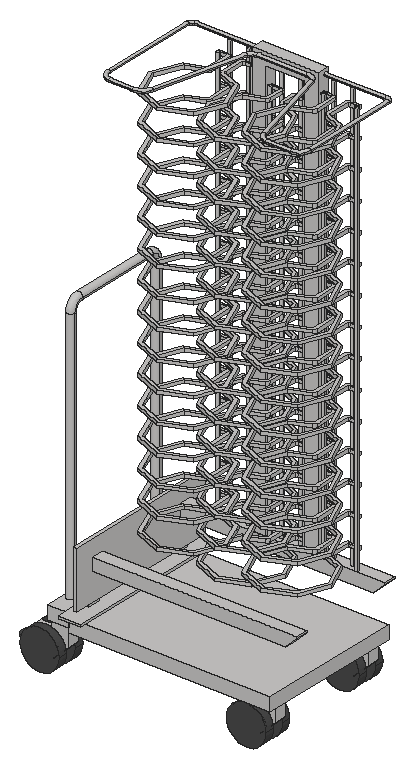
Revit family "QF_ELECTROLUXPROFESSIONAL_922763_TRBA45PL2011C", category Attrezzature speciali, Revit 2020 (continued)
Automatic sketch dimensions
  Extrusion 47 sketch curve to Extrusion 47 sketch curve = 6.093 mm
  Extrusion 47 sketch curve to Extrusion 47 sketch curve = 3.046 mm
  Extrusion 47 sketch curve to Extrusion 47 sketch curve = 80.651 mm  (x3)
  Extrusion 47 sketch curve to Extrusion 47 sketch curve = 55.228 mm
  Extrusion 47 sketch curve to Extrusion 47 sketch curve = 32.585 mm
  Extrusion 47 sketch curve to Extrusion 47 sketch curve = 10.824 mm  (x3)
  Extrusion 47 sketch curve to Extrusion 47 sketch curve = 11.494 mm
  Extrusion 47 sketch curve to Extrusion 47 sketch curve = 1.263 mm
  Extrusion 47 sketch curve to Extrusion 47 sketch curve = 2 mm  (x2)
  Extrusion 48 sketch curve to Extrusion 48 sketch curve = 10.824 mm  (x3)
  Extrusion 48 sketch curve to Extrusion 48 sketch curve = 24.865 mm  (x2)
  Extrusion 48 sketch curve to Extrusion 48 sketch curve = 26.401 mm  (x2)
  Extrusion 48 sketch curve to Extrusion 48 sketch curve = 7.72 mm  (x4)
  Extrusion 48 sketch curve to Extrusion 48 sketch curve = 7.587 mm  (x4)
  Extrusion 48 sketch curve to Extrusion 48 sketch curve = 27.246 mm
  Extrusion 48 sketch curve to Extrusion 48 sketch curve = 27.788 mm  (x2)
  Extrusion 48 sketch curve to Extrusion 48 sketch curve = 47.447 mm
  Extrusion 48 sketch curve to Extrusion 48 sketch curve = 1.873 mm
  Extrusion 48 sketch curve to Extrusion 48 sketch curve = 5 mm  (x3)
  Extrusion 48 sketch curve to Extrusion 48 sketch curve = 3.127 mm
  Extrusion 48 sketch curve to Extrusion 48 sketch curve = 0 mm  (x2)
  Extrusion 48 sketch curve to Extrusion 48 sketch curve = 3.746 mm
  Extrusion 48 sketch curve to Extrusion 48 sketch curve = 10 mm  (x3)
  Extrusion 48 sketch curve to Extrusion 48 sketch curve = 0.094 mm  (x3)
  Extrusion 48 sketch curve to Extrusion 48 sketch curve = 30 mm
  Extrusion 48 sketch curve to Extrusion 48 sketch curve = 6.093 mm
  Extrusion 48 sketch curve to Extrusion 48 sketch curve = 3.046 mm
  Extrusion 48 sketch curve to Extrusion 48 sketch curve = 22.703 mm
  Extrusion 48 sketch curve to Extrusion 48 sketch curve = 6.983 mm
  Extrusion 48 sketch curve to Extrusion 48 sketch curve = 1.263 mm
  Extrusion 48 sketch curve to Extrusion 48 sketch curve = 1.293 mm
  Extrusion 48 sketch curve to Extrusion 48 sketch curve = 2 mm  (x3)
  Extrusion 49 sketch curve to Extrusion 49 sketch curve = 10.824 mm  (x3)
  Extrusion 49 sketch curve to Extrusion 49 sketch curve = 7.72 mm  (x4)
  Extrusion 49 sketch curve to Extrusion 49 sketch curve = 7.587 mm  (x4)
  Extrusion 49 sketch curve to Extrusion 49 sketch curve = 27.246 mm
  Extrusion 49 sketch curve to Extrusion 49 sketch curve = 27.788 mm  (x2)
  Extrusion 49 sketch curve to Extrusion 49 sketch curve = 47.447 mm
  Extrusion 49 sketch curve to Extrusion 49 sketch curve = 1.873 mm
  Extrusion 49 sketch curve to Extrusion 49 sketch curve = 5 mm  (x2)
  Extrusion 49 sketch curve to Extrusion 49 sketch curve = 3.127 mm
  Extrusion 49 sketch curve to Extrusion 49 sketch curve = 0 mm  (x2)
  Extrusion 49 sketch curve to Extrusion 49 sketch curve = 3.746 mm
  Extrusion 49 sketch curve to Extrusion 49 sketch curve = 10 mm  (x2)
  Extrusion 49 sketch curve to Extrusion 49 sketch curve = 79.976 mm  (x2)
  Extrusion 49 sketch curve to Extrusion 49 sketch curve = 0.094 mm  (x3)
  Extrusion 49 sketch curve to Extrusion 49 sketch curve = 30 mm
  Extrusion 49 sketch curve to Extrusion 49 sketch curve = 6.093 mm
  Extrusion 49 sketch curve to Extrusion 49 sketch curve = 3.907 mm
  Extrusion 49 sketch curve to Extrusion 49 sketch curve = 3.046 mm
  Extrusion 49 sketch curve to Extrusion 49 sketch curve = 1.954 mm
  Extrusion 49 sketch curve to Extrusion 49 sketch curve = 80.651 mm  (x3)
  Extrusion 49 sketch curve to Extrusion 49 sketch curve = 55.228 mm
  Extrusion 49 sketch curve to Extrusion 49 sketch curve = 32.585 mm
  Extrusion 49 sketch curve to Extrusion 49 sketch curve = 2 mm  (x3)
  Extrusion 47 sketch curve to Extrusion 47 sketch curve = 24.865 mm  (x2)
  Extrusion 47 sketch curve to Extrusion 47 sketch curve = 26.401 mm  (x2)
  Extrusion 47 sketch curve to Extrusion 47 sketch curve = 27.246 mm
  Extrusion 47 sketch curve to Extrusion 47 sketch curve = 80.07 mm
  Extrusion 47 sketch curve to Extrusion 47 sketch curve = 22.703 mm
  Extrusion 47 sketch curve to Extrusion 47 sketch curve = 1.293 mm
  Extrusion 47 sketch curve to Extrusion 47 sketch curve = 44.091 mm
  Extrusion 47 sketch curve to Extrusion 47 sketch curve = 41.932 mm
  Extrusion 48 sketch curve to Extrusion 48 sketch curve = 79.976 mm  (x2)
  Extrusion 48 sketch curve to Extrusion 48 sketch curve = 80.651 mm  (x3)
  Extrusion 48 sketch curve to Extrusion 48 sketch curve = 55.228 mm
  Extrusion 48 sketch curve to Extrusion 48 sketch curve = 32.585 mm
  Extrusion 48 sketch curve to Extrusion 48 sketch curve = 80.07 mm
  Extrusion 48 sketch curve to Extrusion 48 sketch curve = 67.75 mm
  Extrusion 49 sketch curve to Extrusion 49 sketch curve = 24.865 mm  (x2)
  Extrusion 49 sketch curve to Extrusion 49 sketch curve = 26.401 mm  (x2)
  Extrusion 49 sketch curve to Extrusion 49 sketch curve = 80.07 mm
  Extrusion 49 sketch curve to Extrusion 49 sketch curve = 22.703 mm
  Extrusion 49 sketch curve to Extrusion 49 sketch curve = 6.983 mm
  Extrusion 49 sketch curve to Extrusion 49 sketch curve = 1.263 mm
  Extrusion 49 sketch curve to Extrusion 49 sketch curve = 1.293 mm
  Extrusion 49 sketch curve to Extrusion 49 sketch curve = 67.75 mm
  Extrusion 50 sketch curve to Extrusion 50 sketch curve = 7.72 mm  (x4)
  Extrusion 50 sketch curve to Extrusion 50 sketch curve = 7.587 mm  (x4)
  Extrusion 50 sketch curve to Extrusion 50 sketch curve = 27.788 mm  (x2)
  Extrusion 50 sketch curve to Extrusion 50 sketch curve = 0 mm  (x3)
  Extrusion 50 sketch curve to Extrusion 50 sketch curve = 1.873 mm
  Extrusion 50 sketch curve to Extrusion 50 sketch curve = 5 mm  (x3)
  Extrusion 50 sketch curve to Extrusion 50 sketch curve = 3.127 mm
  Extrusion 50 sketch curve to Extrusion 50 sketch curve = 3.746 mm
  Extrusion 50 sketch curve to Extrusion 50 sketch curve = 10 mm  (x3)
  Extrusion 50 sketch curve to Extrusion 50 sketch curve = 79.976 mm  (x2)
  Extrusion 50 sketch curve to Extrusion 50 sketch curve = 0.094 mm  (x3)
  Extrusion 50 sketch curve to Extrusion 50 sketch curve = 30 mm
  Extrusion 50 sketch curve to Extrusion 50 sketch curve = 6.093 mm
  Extrusion 50 sketch curve to Extrusion 50 sketch curve = 3.046 mm
  Extrusion 50 sketch curve to Extrusion 50 sketch curve = 80.651 mm  (x3)
  Extrusion 50 sketch curve to Extrusion 50 sketch curve = 55.228 mm
  Extrusion 50 sketch curve to Extrusion 50 sketch curve = 32.585 mm
  Extrusion 50 sketch curve to Extrusion 50 sketch curve = 10.824 mm  (x3)
  Extrusion 50 sketch curve to Extrusion 50 sketch curve = 11.494 mm
  Extrusion 50 sketch curve to Extrusion 50 sketch curve = 1.263 mm
  Extrusion 50 sketch curve to Extrusion 50 sketch curve = 2 mm  (x2)
  Extrusion 51 sketch curve to Extrusion 51 sketch curve = 10.824 mm  (x3)
  Extrusion 51 sketch curve to Extrusion 51 sketch curve = 24.865 mm  (x2)
  Extrusion 51 sketch curve to Extrusion 51 sketch curve = 26.401 mm  (x2)
  Extrusion 51 sketch curve to Extrusion 51 sketch curve = 7.72 mm  (x4)
  Extrusion 51 sketch curve to Extrusion 51 sketch curve = 7.587 mm  (x4)
  Extrusion 51 sketch curve to Extrusion 51 sketch curve = 27.246 mm
  Extrusion 51 sketch curve to Extrusion 51 sketch curve = 27.788 mm  (x2)
  Extrusion 51 sketch curve to Extrusion 51 sketch curve = 47.447 mm
  Extrusion 51 sketch curve to Extrusion 51 sketch curve = 1.873 mm
  Extrusion 51 sketch curve to Extrusion 51 sketch curve = 5 mm  (x3)
  Extrusion 51 sketch curve to Extrusion 51 sketch curve = 3.127 mm
  Extrusion 51 sketch curve to Extrusion 51 sketch curve = 0 mm  (x2)
  Extrusion 51 sketch curve to Extrusion 51 sketch curve = 3.746 mm
  Extrusion 51 sketch curve to Extrusion 51 sketch curve = 10 mm  (x3)
  Extrusion 51 sketch curve to Extrusion 51 sketch curve = 0.094 mm  (x3)
  Extrusion 51 sketch curve to Extrusion 51 sketch curve = 30 mm
  Extrusion 51 sketch curve to Extrusion 51 sketch curve = 6.093 mm
  Extrusion 51 sketch curve to Extrusion 51 sketch curve = 3.046 mm
  Extrusion 51 sketch curve to Extrusion 51 sketch curve = 22.703 mm
  Extrusion 51 sketch curve to Extrusion 51 sketch curve = 6.983 mm
  Extrusion 51 sketch curve to Extrusion 51 sketch curve = 1.263 mm
  Extrusion 51 sketch curve to Extrusion 51 sketch curve = 1.293 mm
  Extrusion 51 sketch curve to Extrusion 51 sketch curve = 2 mm  (x3)
  Extrusion 52 sketch curve to Extrusion 52 sketch curve = 10.824 mm  (x3)
  Extrusion 52 sketch curve to Extrusion 52 sketch curve = 7.72 mm  (x4)
  Extrusion 52 sketch curve to Extrusion 52 sketch curve = 7.587 mm  (x4)
  Extrusion 52 sketch curve to Extrusion 52 sketch curve = 27.246 mm
  Extrusion 52 sketch curve to Extrusion 52 sketch curve = 27.788 mm  (x2)
  Extrusion 52 sketch curve to Extrusion 52 sketch curve = 47.447 mm
  Extrusion 52 sketch curve to Extrusion 52 sketch curve = 1.873 mm
  Extrusion 52 sketch curve to Extrusion 52 sketch curve = 5 mm  (x2)
  Extrusion 52 sketch curve to Extrusion 52 sketch curve = 3.127 mm
  Extrusion 52 sketch curve to Extrusion 52 sketch curve = 0 mm  (x2)
  Extrusion 52 sketch curve to Extrusion 52 sketch curve = 3.746 mm
  Extrusion 52 sketch curve to Extrusion 52 sketch curve = 10 mm  (x2)
  Extrusion 52 sketch curve to Extrusion 52 sketch curve = 79.976 mm  (x2)
  Extrusion 52 sketch curve to Extrusion 52 sketch curve = 0.094 mm  (x3)
  Extrusion 52 sketch curve to Extrusion 52 sketch curve = 30 mm
  Extrusion 52 sketch curve to Extrusion 52 sketch curve = 6.093 mm
  Extrusion 52 sketch curve to Extrusion 52 sketch curve = 3.907 mm
  Extrusion 52 sketch curve to Extrusion 52 sketch curve = 3.046 mm
  Extrusion 52 sketch curve to Extrusion 52 sketch curve = 1.954 mm
  Extrusion 52 sketch curve to Extrusion 52 sketch curve = 80.651 mm  (x3)
  Extrusion 52 sketch curve to Extrusion 52 sketch curve = 55.228 mm
  Extrusion 52 sketch curve to Extrusion 52 sketch curve = 32.585 mm
  Extrusion 52 sketch curve to Extrusion 52 sketch curve = 2 mm  (x3)
  Extrusion 50 sketch curve to Extrusion 50 sketch curve = 24.865 mm  (x2)
  Extrusion 50 sketch curve to Extrusion 50 sketch curve = 26.401 mm  (x2)
  Extrusion 50 sketch curve to Extrusion 50 sketch curve = 27.246 mm
  Extrusion 50 sketch curve to Extrusion 50 sketch curve = 80.07 mm
  Extrusion 50 sketch curve to Extrusion 50 sketch curve = 22.703 mm
  Extrusion 50 sketch curve to Extrusion 50 sketch curve = 1.293 mm
  Extrusion 50 sketch curve to Extrusion 50 sketch curve = 44.091 mm
  Extrusion 50 sketch curve to Extrusion 50 sketch curve = 41.932 mm
  Extrusion 51 sketch curve to Extrusion 51 sketch curve = 79.976 mm  (x2)
  Extrusion 51 sketch curve to Extrusion 51 sketch curve = 80.651 mm  (x3)
  Extrusion 51 sketch curve to Extrusion 51 sketch curve = 55.228 mm
  Extrusion 51 sketch curve to Extrusion 51 sketch curve = 32.585 mm
  Extrusion 51 sketch curve to Extrusion 51 sketch curve = 80.07 mm
  Extrusion 51 sketch curve to Extrusion 51 sketch curve = 67.75 mm
  Extrusion 52 sketch curve to Extrusion 52 sketch curve = 24.865 mm  (x2)
  Extrusion 52 sketch curve to Extrusion 52 sketch curve = 26.401 mm  (x2)
  Extrusion 52 sketch curve to Extrusion 52 sketch curve = 80.07 mm
  Extrusion 52 sketch curve to Extrusion 52 sketch curve = 22.703 mm
  Extrusion 52 sketch curve to Extrusion 52 sketch curve = 6.983 mm
  Extrusion 52 sketch curve to Extrusion 52 sketch curve = 1.263 mm
  Extrusion 52 sketch curve to Extrusion 52 sketch curve = 1.293 mm
  Extrusion 52 sketch curve to Extrusion 52 sketch curve = 67.75 mm
  Extrusion 53 sketch curve to Extrusion 53 sketch curve = 7.72 mm  (x4)
  Extrusion 53 sketch curve to Extrusion 53 sketch curve = 7.587 mm  (x4)
  Extrusion 53 sketch curve to Extrusion 53 sketch curve = 27.788 mm  (x2)
  Extrusion 53 sketch curve to Extrusion 53 sketch curve = 0 mm  (x3)
  Extrusion 53 sketch curve to Extrusion 53 sketch curve = 1.873 mm
  Extrusion 53 sketch curve to Extrusion 53 sketch curve = 5 mm  (x3)
  Extrusion 53 sketch curve to Extrusion 53 sketch curve = 3.127 mm
  Extrusion 53 sketch curve to Extrusion 53 sketch curve = 3.746 mm
  Extrusion 53 sketch curve to Extrusion 53 sketch curve = 10 mm  (x3)
  Extrusion 53 sketch curve to Extrusion 53 sketch curve = 79.976 mm  (x2)
  Extrusion 53 sketch curve to Extrusion 53 sketch curve = 0.094 mm  (x3)
  Extrusion 53 sketch curve to Extrusion 53 sketch curve = 30 mm
  Extrusion 53 sketch curve to Extrusion 53 sketch curve = 6.093 mm
  Extrusion 53 sketch curve to Extrusion 53 sketch curve = 3.046 mm
  Extrusion 53 sketch curve to Extrusion 53 sketch curve = 80.651 mm  (x3)
  Extrusion 53 sketch curve to Extrusion 53 sketch curve = 55.228 mm
  Extrusion 53 sketch curve to Extrusion 53 sketch curve = 32.585 mm
  Extrusion 53 sketch curve to Extrusion 53 sketch curve = 10.824 mm  (x3)
  Extrusion 53 sketch curve to Extrusion 53 sketch curve = 11.494 mm
  Extrusion 53 sketch curve to Extrusion 53 sketch curve = 1.263 mm
  Extrusion 53 sketch curve to Extrusion 53 sketch curve = 2 mm  (x2)
  Extrusion 54 sketch curve to Extrusion 54 sketch curve = 10.824 mm  (x3)
  Extrusion 54 sketch curve to Extrusion 54 sketch curve = 24.865 mm  (x2)
  Extrusion 54 sketch curve to Extrusion 54 sketch curve = 26.401 mm  (x2)
  Extrusion 54 sketch curve to Extrusion 54 sketch curve = 7.72 mm  (x4)
  Extrusion 54 sketch curve to Extrusion 54 sketch curve = 7.587 mm  (x4)
  Extrusion 54 sketch curve to Extrusion 54 sketch curve = 27.246 mm
  Extrusion 54 sketch curve to Extrusion 54 sketch curve = 27.788 mm  (x2)
  Extrusion 54 sketch curve to Extrusion 54 sketch curve = 47.447 mm
  Extrusion 54 sketch curve to Extrusion 54 sketch curve = 1.873 mm
  Extrusion 54 sketch curve to Extrusion 54 sketch curve = 5 mm  (x3)
  Extrusion 54 sketch curve to Extrusion 54 sketch curve = 3.127 mm
  Extrusion 54 sketch curve to Extrusion 54 sketch curve = 0 mm  (x2)
  Extrusion 54 sketch curve to Extrusion 54 sketch curve = 3.746 mm
  Extrusion 54 sketch curve to Extrusion 54 sketch curve = 10 mm  (x3)
  Extrusion 54 sketch curve to Extrusion 54 sketch curve = 0.094 mm  (x3)
  Extrusion 54 sketch curve to Extrusion 54 sketch curve = 30 mm
  Extrusion 54 sketch curve to Extrusion 54 sketch curve = 6.093 mm
  Extrusion 54 sketch curve to Extrusion 54 sketch curve = 3.046 mm
  Extrusion 54 sketch curve to Extrusion 54 sketch curve = 22.703 mm
  Extrusion 54 sketch curve to Extrusion 54 sketch curve = 6.983 mm
  Extrusion 54 sketch curve to Extrusion 54 sketch curve = 1.263 mm
  Extrusion 54 sketch curve to Extrusion 54 sketch curve = 1.293 mm
  Extrusion 54 sketch curve to Extrusion 54 sketch curve = 2 mm  (x3)
  Extrusion 55 sketch curve to Extrusion 55 sketch curve = 10.824 mm  (x3)
  Extrusion 55 sketch curve to Extrusion 55 sketch curve = 7.72 mm  (x4)
  Extrusion 55 sketch curve to Extrusion 55 sketch curve = 7.587 mm  (x4)
  Extrusion 55 sketch curve to Extrusion 55 sketch curve = 27.246 mm
  Extrusion 55 sketch curve to Extrusion 55 sketch curve = 27.788 mm  (x2)
  Extrusion 55 sketch curve to Extrusion 55 sketch curve = 47.447 mm
  Extrusion 55 sketch curve to Extrusion 55 sketch curve = 1.873 mm
  Extrusion 55 sketch curve to Extrusion 55 sketch curve = 5 mm  (x2)
  Extrusion 55 sketch curve to Extrusion 55 sketch curve = 3.127 mm
  Extrusion 55 sketch curve to Extrusion 55 sketch curve = 0 mm  (x2)
  Extrusion 55 sketch curve to Extrusion 55 sketch curve = 3.746 mm
  Extrusion 55 sketch curve to Extrusion 55 sketch curve = 10 mm  (x2)
  Extrusion 55 sketch curve to Extrusion 55 sketch curve = 79.976 mm  (x2)
  Extrusion 55 sketch curve to Extrusion 55 sketch curve = 0.094 mm  (x3)
  Extrusion 55 sketch curve to Extrusion 55 sketch curve = 30 mm
  Extrusion 55 sketch curve to Extrusion 55 sketch curve = 6.093 mm
  Extrusion 55 sketch curve to Extrusion 55 sketch curve = 3.907 mm
  Extrusion 55 sketch curve to Extrusion 55 sketch curve = 3.046 mm
  Extrusion 55 sketch curve to Extrusion 55 sketch curve = 1.954 mm
  Extrusion 55 sketch curve to Extrusion 55 sketch curve = 80.651 mm  (x3)
  Extrusion 55 sketch curve to Extrusion 55 sketch curve = 55.228 mm
  Extrusion 55 sketch curve to Extrusion 55 sketch curve = 32.585 mm
  Extrusion 55 sketch curve to Extrusion 55 sketch curve = 2 mm  (x3)
  Extrusion 53 sketch curve to Extrusion 53 sketch curve = 24.865 mm  (x2)
  Extrusion 53 sketch curve to Extrusion 53 sketch curve = 26.401 mm  (x2)
  Extrusion 53 sketch curve to Extrusion 53 sketch curve = 27.246 mm
  Extrusion 53 sketch curve to Extrusion 53 sketch curve = 80.07 mm
  Extrusion 53 sketch curve to Extrusion 53 sketch curve = 22.703 mm
  Extrusion 53 sketch curve to Extrusion 53 sketch curve = 1.293 mm
  Extrusion 53 sketch curve to Extrusion 53 sketch curve = 44.091 mm
  Extrusion 53 sketch curve to Extrusion 53 sketch curve = 41.932 mm
  Extrusion 54 sketch curve to Extrusion 54 sketch curve = 79.976 mm  (x2)
  Extrusion 54 sketch curve to Extrusion 54 sketch curve = 80.651 mm  (x3)
  Extrusion 54 sketch curve to Extrusion 54 sketch curve = 55.228 mm
  Extrusion 54 sketch curve to Extrusion 54 sketch curve = 32.585 mm
  Extrusion 54 sketch curve to Extrusion 54 sketch curve = 80.07 mm
  Extrusion 54 sketch curve to Extrusion 54 sketch curve = 67.75 mm
  Extrusion 55 sketch curve to Extrusion 55 sketch curve = 24.865 mm  (x2)
  Extrusion 55 sketch curve to Extrusion 55 sketch curve = 26.401 mm  (x2)
  Extrusion 55 sketch curve to Extrusion 55 sketch curve = 80.07 mm
  Extrusion 55 sketch curve to Extrusion 55 sketch curve = 22.703 mm
  Extrusion 55 sketch curve to Extrusion 55 sketch curve = 6.983 mm
  Extrusion 55 sketch curve to Extrusion 55 sketch curve = 1.263 mm
  Extrusion 55 sketch curve to Extrusion 55 sketch curve = 1.293 mm
  Extrusion 55 sketch curve to Extrusion 55 sketch curve = 67.75 mm
  Extrusion 56 sketch curve to Extrusion 56 sketch curve = 7.72 mm  (x4)
  Extrusion 56 sketch curve to Extrusion 56 sketch curve = 7.587 mm  (x4)
  Extrusion 56 sketch curve to Extrusion 56 sketch curve = 27.788 mm  (x2)
  Extrusion 56 sketch curve to Extrusion 56 sketch curve = 0 mm  (x3)
  Extrusion 56 sketch curve to Extrusion 56 sketch curve = 1.873 mm
  Extrusion 56 sketch curve to Extrusion 56 sketch curve = 5 mm  (x3)
  Extrusion 56 sketch curve to Extrusion 56 sketch curve = 3.127 mm
  Extrusion 56 sketch curve to Extrusion 56 sketch curve = 3.746 mm
  Extrusion 56 sketch curve to Extrusion 56 sketch curve = 10 mm  (x3)
  Extrusion 56 sketch curve to Extrusion 56 sketch curve = 79.976 mm  (x2)
  Extrusion 56 sketch curve to Extrusion 56 sketch curve = 0.094 mm  (x3)
  Extrusion 56 sketch curve to Extrusion 56 sketch curve = 30 mm
  Extrusion 56 sketch curve to Extrusion 56 sketch curve = 6.093 mm
  Extrusion 56 sketch curve to Extrusion 56 sketch curve = 3.046 mm
  Extrusion 56 sketch curve to Extrusion 56 sketch curve = 80.651 mm  (x3)
  Extrusion 56 sketch curve to Extrusion 56 sketch curve = 55.228 mm
  Extrusion 56 sketch curve to Extrusion 56 sketch curve = 32.585 mm
  Extrusion 56 sketch curve to Extrusion 56 sketch curve = 10.824 mm  (x3)
  Extrusion 56 sketch curve to Extrusion 56 sketch curve = 11.494 mm
  Extrusion 56 sketch curve to Extrusion 56 sketch curve = 1.263 mm
  Extrusion 56 sketch curve to Extrusion 56 sketch curve = 2 mm  (x2)
  Extrusion 57 sketch curve to Extrusion 57 sketch curve = 10.824 mm  (x3)
  Extrusion 57 sketch curve to Extrusion 57 sketch curve = 24.865 mm  (x2)
  Extrusion 57 sketch curve to Extrusion 57 sketch curve = 26.401 mm  (x2)
  Extrusion 57 sketch curve to Extrusion 57 sketch curve = 7.72 mm  (x4)
  Extrusion 57 sketch curve to Extrusion 57 sketch curve = 7.587 mm  (x4)
  Extrusion 57 sketch curve to Extrusion 57 sketch curve = 27.246 mm
  Extrusion 57 sketch curve to Extrusion 57 sketch curve = 27.788 mm  (x2)
  Extrusion 57 sketch curve to Extrusion 57 sketch curve = 47.447 mm
  Extrusion 57 sketch curve to Extrusion 57 sketch curve = 1.873 mm
  Extrusion 57 sketch curve to Extrusion 57 sketch curve = 5 mm  (x3)
  Extrusion 57 sketch curve to Extrusion 57 sketch curve = 3.127 mm
  Extrusion 57 sketch curve to Extrusion 57 sketch curve = 0 mm  (x2)
  Extrusion 57 sketch curve to Extrusion 57 sketch curve = 3.746 mm
  Extrusion 57 sketch curve to Extrusion 57 sketch curve = 10 mm  (x3)
  Extrusion 57 sketch curve to Extrusion 57 sketch curve = 0.094 mm  (x3)
  Extrusion 57 sketch curve to Extrusion 57 sketch curve = 30 mm
  Extrusion 57 sketch curve to Extrusion 57 sketch curve = 6.093 mm
  Extrusion 57 sketch curve to Extrusion 57 sketch curve = 3.046 mm
  Extrusion 57 sketch curve to Extrusion 57 sketch curve = 22.703 mm
  Extrusion 57 sketch curve to Extrusion 57 sketch curve = 6.983 mm
  Extrusion 57 sketch curve to Extrusion 57 sketch curve = 1.263 mm
  Extrusion 57 sketch curve to Extrusion 57 sketch curve = 1.293 mm
  Extrusion 57 sketch curve to Extrusion 57 sketch curve = 2 mm  (x3)
  Extrusion 58 sketch curve to Extrusion 58 sketch curve = 10.824 mm  (x3)
  Extrusion 58 sketch curve to Extrusion 58 sketch curve = 7.72 mm  (x4)
  Extrusion 58 sketch curve to Extrusion 58 sketch curve = 7.587 mm  (x4)
  Extrusion 58 sketch curve to Extrusion 58 sketch curve = 27.246 mm
  Extrusion 58 sketch curve to Extrusion 58 sketch curve = 27.788 mm  (x2)
  Extrusion 58 sketch curve to Extrusion 58 sketch curve = 47.447 mm
  Extrusion 58 sketch curve to Extrusion 58 sketch curve = 1.873 mm
  Extrusion 58 sketch curve to Extrusion 58 sketch curve = 5 mm  (x2)
  Extrusion 58 sketch curve to Extrusion 58 sketch curve = 3.127 mm
  Extrusion 58 sketch curve to Extrusion 58 sketch curve = 0 mm  (x2)
  Extrusion 58 sketch curve to Extrusion 58 sketch curve = 3.746 mm
  Extrusion 58 sketch curve to Extrusion 58 sketch curve = 10 mm  (x2)
  Extrusion 58 sketch curve to Extrusion 58 sketch curve = 79.976 mm  (x2)
  Extrusion 58 sketch curve to Extrusion 58 sketch curve = 0.094 mm  (x3)
  Extrusion 58 sketch curve to Extrusion 58 sketch curve = 30 mm
  Extrusion 58 sketch curve to Extrusion 58 sketch curve = 6.093 mm
  Extrusion 58 sketch curve to Extrusion 58 sketch curve = 3.907 mm
  Extrusion 58 sketch curve to Extrusion 58 sketch curve = 3.046 mm
  Extrusion 58 sketch curve to Extrusion 58 sketch curve = 1.954 mm
  Extrusion 58 sketch curve to Extrusion 58 sketch curve = 80.651 mm  (x3)
  Extrusion 58 sketch curve to Extrusion 58 sketch curve = 55.228 mm
  Extrusion 58 sketch curve to Extrusion 58 sketch curve = 32.585 mm
  Extrusion 58 sketch curve to Extrusion 58 sketch curve = 2 mm  (x3)
  Extrusion 56 sketch curve to Extrusion 56 sketch curve = 24.865 mm  (x2)
  Extrusion 56 sketch curve to Extrusion 56 sketch curve = 26.401 mm  (x2)
  Extrusion 56 sketch curve to Extrusion 56 sketch curve = 27.246 mm
  Extrusion 56 sketch curve to Extrusion 56 sketch curve = 80.07 mm
  Extrusion 56 sketch curve to Extrusion 56 sketch curve = 22.703 mm
  Extrusion 56 sketch curve to Extrusion 56 sketch curve = 1.293 mm
  Extrusion 56 sketch curve to Extrusion 56 sketch curve = 44.091 mm
  Extrusion 56 sketch curve to Extrusion 56 sketch curve = 41.932 mm
  Extrusion 57 sketch curve to Extrusion 57 sketch curve = 79.976 mm  (x2)
  Extrusion 57 sketch curve to Extrusion 57 sketch curve = 80.651 mm  (x3)
  Extrusion 57 sketch curve to Extrusion 57 sketch curve = 55.228 mm
  Extrusion 57 sketch curve to Extrusion 57 sketch curve = 32.585 mm
  Extrusion 57 sketch curve to Extrusion 57 sketch curve = 80.07 mm
  Extrusion 57 sketch curve to Extrusion 57 sketch curve = 67.75 mm
  Extrusion 58 sketch curve to Extrusion 58 sketch curve = 24.865 mm  (x2)
  Extrusion 58 sketch curve to Extrusion 58 sketch curve = 26.401 mm  (x2)
  Extrusion 58 sketch curve to Extrusion 58 sketch curve = 80.07 mm
  Extrusion 58 sketch curve to Extrusion 58 sketch curve = 22.703 mm
  Extrusion 58 sketch curve to Extrusion 58 sketch curve = 6.983 mm
  Extrusion 58 sketch curve to Extrusion 58 sketch curve = 1.263 mm
  Extrusion 58 sketch curve to Extrusion 58 sketch curve = 1.293 mm
  Extrusion 58 sketch curve to Extrusion 58 sketch curve = 67.75 mm
  Extrusion 59 sketch curve to Extrusion 59 sketch curve = 7.72 mm  (x4)
  Extrusion 59 sketch curve to Extrusion 59 sketch curve = 7.587 mm  (x4)
  Extrusion 59 sketch curve to Extrusion 59 sketch curve = 27.788 mm  (x2)
  Extrusion 59 sketch curve to Extrusion 59 sketch curve = 0 mm  (x3)
  Extrusion 59 sketch curve to Extrusion 59 sketch curve = 1.873 mm
  Extrusion 59 sketch curve to Extrusion 59 sketch curve = 5 mm  (x3)
  Extrusion 59 sketch curve to Extrusion 59 sketch curve = 3.127 mm
  Extrusion 59 sketch curve to Extrusion 59 sketch curve = 3.746 mm
  Extrusion 59 sketch curve to Extrusion 59 sketch curve = 10 mm  (x3)
  Extrusion 59 sketch curve to Extrusion 59 sketch curve = 79.976 mm  (x2)
  Extrusion 59 sketch curve to Extrusion 59 sketch curve = 0.094 mm  (x3)
  Extrusion 59 sketch curve to Extrusion 59 sketch curve = 30 mm
  Extrusion 59 sketch curve to Extrusion 59 sketch curve = 6.093 mm
  Extrusion 59 sketch curve to Extrusion 59 sketch curve = 3.046 mm
  Extrusion 59 sketch curve to Extrusion 59 sketch curve = 80.651 mm  (x3)
  Extrusion 59 sketch curve to Extrusion 59 sketch curve = 55.228 mm
  Extrusion 59 sketch curve to Extrusion 59 sketch curve = 32.585 mm
  Extrusion 59 sketch curve to Extrusion 59 sketch curve = 10.824 mm  (x3)
  Extrusion 59 sketch curve to Extrusion 59 sketch curve = 11.494 mm
  Extrusion 59 sketch curve to Extrusion 59 sketch curve = 1.263 mm
  Extrusion 59 sketch curve to Extrusion 59 sketch curve = 2 mm  (x2)
  Extrusion 60 sketch curve to Extrusion 60 sketch curve = 10.824 mm  (x3)
  Extrusion 60 sketch curve to Extrusion 60 sketch curve = 24.865 mm  (x2)
  Extrusion 60 sketch curve to Extrusion 60 sketch curve = 26.401 mm  (x2)
  Extrusion 60 sketch curve to Extrusion 60 sketch curve = 7.72 mm  (x4)
  Extrusion 60 sketch curve to Extrusion 60 sketch curve = 7.587 mm  (x4)
  Extrusion 60 sketch curve to Extrusion 60 sketch curve = 27.246 mm
  Extrusion 60 sketch curve to Extrusion 60 sketch curve = 27.788 mm  (x2)
  Extrusion 60 sketch curve to Extrusion 60 sketch curve = 47.447 mm
  Extrusion 60 sketch curve to Extrusion 60 sketch curve = 1.873 mm
  Extrusion 60 sketch curve to Extrusion 60 sketch curve = 5 mm  (x3)
  Extrusion 60 sketch curve to Extrusion 60 sketch curve = 3.127 mm
  Extrusion 60 sketch curve to Extrusion 60 sketch curve = 0 mm  (x2)
  Extrusion 60 sketch curve to Extrusion 60 sketch curve = 3.746 mm
  Extrusion 60 sketch curve to Extrusion 60 sketch curve = 10 mm  (x3)
  Extrusion 60 sketch curve to Extrusion 60 sketch curve = 0.094 mm  (x3)
  Extrusion 60 sketch curve to Extrusion 60 sketch curve = 30 mm
  Extrusion 60 sketch curve to Extrusion 60 sketch curve = 6.093 mm
  Extrusion 60 sketch curve to Extrusion 60 sketch curve = 3.046 mm
  Extrusion 60 sketch curve to Extrusion 60 sketch curve = 22.703 mm
  Extrusion 60 sketch curve to Extrusion 60 sketch curve = 6.983 mm
  Extrusion 60 sketch curve to Extrusion 60 sketch curve = 1.263 mm
  Extrusion 60 sketch curve to Extrusion 60 sketch curve = 1.293 mm
  Extrusion 60 sketch curve to Extrusion 60 sketch curve = 2 mm  (x3)
  Extrusion 61 sketch curve to Extrusion 61 sketch curve = 10.824 mm  (x3)
  Extrusion 61 sketch curve to Extrusion 61 sketch curve = 7.72 mm  (x4)
  Extrusion 61 sketch curve to Extrusion 61 sketch curve = 7.587 mm  (x4)
  Extrusion 61 sketch curve to Extrusion 61 sketch curve = 27.246 mm
  Extrusion 61 sketch curve to Extrusion 61 sketch curve = 27.788 mm  (x2)
  Extrusion 61 sketch curve to Extrusion 61 sketch curve = 47.447 mm
  Extrusion 61 sketch curve to Extrusion 61 sketch curve = 1.873 mm
  Extrusion 61 sketch curve to Extrusion 61 sketch curve = 5 mm  (x2)
  Extrusion 61 sketch curve to Extrusion 61 sketch curve = 3.127 mm
  Extrusion 61 sketch curve to Extrusion 61 sketch curve = 0 mm  (x2)
  Extrusion 61 sketch curve to Extrusion 61 sketch curve = 3.746 mm
  Extrusion 61 sketch curve to Extrusion 61 sketch curve = 10 mm  (x2)
  Extrusion 61 sketch curve to Extrusion 61 sketch curve = 79.976 mm  (x2)
  Extrusion 61 sketch curve to Extrusion 61 sketch curve = 0.094 mm  (x3)
  Extrusion 61 sketch curve to Extrusion 61 sketch curve = 30 mm
  Extrusion 61 sketch curve to Extrusion 61 sketch curve = 6.093 mm
  Extrusion 61 sketch curve to Extrusion 61 sketch curve = 3.907 mm
  Extrusion 61 sketch curve to Extrusion 61 sketch curve = 3.046 mm
  Extrusion 61 sketch curve to Extrusion 61 sketch curve = 1.954 mm
  Extrusion 61 sketch curve to Extrusion 61 sketch curve = 80.651 mm  (x3)
  Extrusion 61 sketch curve to Extrusion 61 sketch curve = 55.228 mm
  Extrusion 61 sketch curve to Extrusion 61 sketch curve = 32.585 mm
  Extrusion 61 sketch curve to Extrusion 61 sketch curve = 2 mm  (x3)
  Extrusion 59 sketch curve to Extrusion 59 sketch curve = 24.865 mm  (x2)
  Extrusion 59 sketch curve to Extrusion 59 sketch curve = 26.401 mm  (x2)
  Extrusion 59 sketch curve to Extrusion 59 sketch curve = 27.246 mm
  Extrusion 59 sketch curve to Extrusion 59 sketch curve = 80.07 mm
  Extrusion 59 sketch curve to Extrusion 59 sketch curve = 22.703 mm
  Extrusion 59 sketch curve to Extrusion 59 sketch curve = 1.293 mm
  Extrusion 59 sketch curve to Extrusion 59 sketch curve = 44.091 mm
  Extrusion 59 sketch curve to Extrusion 59 sketch curve = 41.932 mm
  Extrusion 60 sketch curve to Extrusion 60 sketch curve = 79.976 mm  (x2)
  Extrusion 60 sketch curve to Extrusion 60 sketch curve = 80.651 mm  (x3)
  Extrusion 60 sketch curve to Extrusion 60 sketch curve = 55.228 mm
  Extrusion 60 sketch curve to Extrusion 60 sketch curve = 32.585 mm
  Extrusion 60 sketch curve to Extrusion 60 sketch curve = 80.07 mm
  Extrusion 60 sketch curve to Extrusion 60 sketch curve = 67.75 mm
  Extrusion 61 sketch curve to Extrusion 61 sketch curve = 24.865 mm  (x2)
  Extrusion 61 sketch curve to Extrusion 61 sketch curve = 26.401 mm  (x2)
  Extrusion 61 sketch curve to Extrusion 61 sketch curve = 80.07 mm
  Extrusion 61 sketch curve to Extrusion 61 sketch curve = 22.703 mm
  Extrusion 61 sketch curve to Extrusion 61 sketch curve = 6.983 mm
  Extrusion 61 sketch curve to Extrusion 61 sketch curve = 1.263 mm
  Extrusion 61 sketch curve to Extrusion 61 sketch curve = 1.293 mm
  Extrusion 61 sketch curve to Extrusion 61 sketch curve = 67.75 mm
  Extrusion 62 sketch curve to Extrusion 62 sketch curve = 7.72 mm  (x4)
  Extrusion 62 sketch curve to Extrusion 62 sketch curve = 7.587 mm  (x4)
  Extrusion 62 sketch curve to Extrusion 62 sketch curve = 27.788 mm  (x2)
  Extrusion 62 sketch curve to Extrusion 62 sketch curve = 0 mm  (x3)
  Extrusion 62 sketch curve to Extrusion 62 sketch curve = 1.873 mm
  Extrusion 62 sketch curve to Extrusion 62 sketch curve = 5 mm  (x3)
  Extrusion 62 sketch curve to Extrusion 62 sketch curve = 3.127 mm
  Extrusion 62 sketch curve to Extrusion 62 sketch curve = 3.746 mm
  Extrusion 62 sketch curve to Extrusion 62 sketch curve = 10 mm  (x3)
  Extrusion 62 sketch curve to Extrusion 62 sketch curve = 79.976 mm  (x2)
  Extrusion 62 sketch curve to Extrusion 62 sketch curve = 0.094 mm  (x3)
  Extrusion 62 sketch curve to Extrusion 62 sketch curve = 30 mm
  Extrusion 62 sketch curve to Extrusion 62 sketch curve = 6.093 mm
  Extrusion 62 sketch curve to Extrusion 62 sketch curve = 3.046 mm
  Extrusion 62 sketch curve to Extrusion 62 sketch curve = 80.651 mm  (x3)
  Extrusion 62 sketch curve to Extrusion 62 sketch curve = 55.228 mm
  Extrusion 62 sketch curve to Extrusion 62 sketch curve = 32.585 mm
  Extrusion 62 sketch curve to Extrusion 62 sketch curve = 10.824 mm  (x3)
  Extrusion 62 sketch curve to Extrusion 62 sketch curve = 11.494 mm
  Extrusion 62 sketch curve to Extrusion 62 sketch curve = 1.263 mm
  Extrusion 62 sketch curve to Extrusion 62 sketch curve = 2 mm  (x2)
  Extrusion 63 sketch curve to Extrusion 63 sketch curve = 10.824 mm  (x3)
  Extrusion 63 sketch curve to Extrusion 63 sketch curve = 24.865 mm  (x2)
  Extrusion 63 sketch curve to Extrusion 63 sketch curve = 26.401 mm  (x2)
  Extrusion 63 sketch curve to Extrusion 63 sketch curve = 7.72 mm  (x4)
  Extrusion 63 sketch curve to Extrusion 63 sketch curve = 7.587 mm  (x4)
  Extrusion 63 sketch curve to Extrusion 63 sketch curve = 27.246 mm
  Extrusion 63 sketch curve to Extrusion 63 sketch curve = 27.788 mm  (x2)
  Extrusion 63 sketch curve to Extrusion 63 sketch curve = 47.447 mm
  Extrusion 63 sketch curve to Extrusion 63 sketch curve = 1.873 mm
  Extrusion 63 sketch curve to Extrusion 63 sketch curve = 5 mm  (x3)
  Extrusion 63 sketch curve to Extrusion 63 sketch curve = 3.127 mm
  Extrusion 63 sketch curve to Extrusion 63 sketch curve = 0 mm  (x2)
  Extrusion 63 sketch curve to Extrusion 63 sketch curve = 3.746 mm
  Extrusion 63 sketch curve to Extrusion 63 sketch curve = 10 mm  (x3)
  Extrusion 63 sketch curve to Extrusion 63 sketch curve = 0.094 mm  (x3)
  Extrusion 63 sketch curve to Extrusion 63 sketch curve = 30 mm
  Extrusion 63 sketch curve to Extrusion 63 sketch curve = 6.093 mm
  Extrusion 63 sketch curve to Extrusion 63 sketch curve = 3.046 mm
  Extrusion 63 sketch curve to Extrusion 63 sketch curve = 22.703 mm
  Extrusion 63 sketch curve to Extrusion 63 sketch curve = 6.983 mm
  Extrusion 63 sketch curve to Extrusion 63 sketch curve = 1.263 mm
  Extrusion 63 sketch curve to Extrusion 63 sketch curve = 1.293 mm
  Extrusion 63 sketch curve to Extrusion 63 sketch curve = 2 mm  (x3)
  Extrusion 64 sketch curve to Extrusion 64 sketch curve = 10.824 mm  (x3)
  Extrusion 64 sketch curve to Extrusion 64 sketch curve = 7.72 mm  (x4)
  Extrusion 64 sketch curve to Extrusion 64 sketch curve = 7.587 mm  (x4)
  Extrusion 64 sketch curve to Extrusion 64 sketch curve = 27.246 mm
  Extrusion 64 sketch curve to Extrusion 64 sketch curve = 27.788 mm  (x2)
  Extrusion 64 sketch curve to Extrusion 64 sketch curve = 47.447 mm
  Extrusion 64 sketch curve to Extrusion 64 sketch curve = 1.873 mm
  Extrusion 64 sketch curve to Extrusion 64 sketch curve = 5 mm  (x2)
  Extrusion 64 sketch curve to Extrusion 64 sketch curve = 3.127 mm
  Extrusion 64 sketch curve to Extrusion 64 sketch curve = 0 mm  (x2)
  Extrusion 64 sketch curve to Extrusion 64 sketch curve = 3.746 mm
  Extrusion 64 sketch curve to Extrusion 64 sketch curve = 10 mm  (x2)
  Extrusion 64 sketch curve to Extrusion 64 sketch curve = 79.976 mm  (x2)
  Extrusion 64 sketch curve to Extrusion 64 sketch curve = 0.094 mm  (x3)
  Extrusion 64 sketch curve to Extrusion 64 sketch curve = 30 mm
  Extrusion 64 sketch curve to Extrusion 64 sketch curve = 6.093 mm
  Extrusion 64 sketch curve to Extrusion 64 sketch curve = 3.907 mm
  Extrusion 64 sketch curve to Extrusion 64 sketch curve = 3.046 mm
  Extrusion 64 sketch curve to Extrusion 64 sketch curve = 1.954 mm
  Extrusion 64 sketch curve to Extrusion 64 sketch curve = 80.651 mm  (x3)
  Extrusion 64 sketch curve to Extrusion 64 sketch curve = 55.228 mm
  Extrusion 64 sketch curve to Extrusion 64 sketch curve = 32.585 mm
  Extrusion 64 sketch curve to Extrusion 64 sketch curve = 2 mm  (x3)
  Extrusion 62 sketch curve to Extrusion 62 sketch curve = 24.865 mm  (x2)
  Extrusion 62 sketch curve to Extrusion 62 sketch curve = 26.401 mm  (x2)
  Extrusion 62 sketch curve to Extrusion 62 sketch curve = 27.246 mm
  Extrusion 62 sketch curve to Extrusion 62 sketch curve = 80.07 mm
  Extrusion 62 sketch curve to Extrusion 62 sketch curve = 22.703 mm
  Extrusion 62 sketch curve to Extrusion 62 sketch curve = 1.293 mm
  Extrusion 62 sketch curve to Extrusion 62 sketch curve = 44.091 mm
  Extrusion 62 sketch curve to Extrusion 62 sketch curve = 41.932 mm
  Extrusion 63 sketch curve to Extrusion 63 sketch curve = 79.976 mm  (x2)
  Extrusion 63 sketch curve to Extrusion 63 sketch curve = 80.651 mm  (x3)
  Extrusion 63 sketch curve to Extrusion 63 sketch curve = 55.228 mm
  Extrusion 63 sketch curve to Extrusion 63 sketch curve = 32.585 mm
  Extrusion 63 sketch curve to Extrusion 63 sketch curve = 80.07 mm
  Extrusion 63 sketch curve to Extrusion 63 sketch curve = 67.75 mm
  Extrusion 64 sketch curve to Extrusion 64 sketch curve = 24.865 mm  (x2)
  Extrusion 64 sketch curve to Extrusion 64 sketch curve = 26.401 mm  (x2)
  Extrusion 64 sketch curve to Extrusion 64 sketch curve = 80.07 mm
  Extrusion 64 sketch curve to Extrusion 64 sketch curve = 22.703 mm
  Extrusion 64 sketch curve to Extrusion 64 sketch curve = 6.983 mm
  Extrusion 64 sketch curve to Extrusion 64 sketch curve = 1.263 mm
  Extrusion 64 sketch curve to Extrusion 64 sketch curve = 1.293 mm
  Extrusion 64 sketch curve to Extrusion 64 sketch curve = 67.75 mm
  Extrusion 65 sketch curve to Extrusion 65 sketch curve = 7.72 mm  (x4)
  Extrusion 65 sketch curve to Extrusion 65 sketch curve = 7.587 mm  (x4)
  Extrusion 65 sketch curve to Extrusion 65 sketch curve = 27.788 mm  (x2)
  Extrusion 65 sketch curve to Extrusion 65 sketch curve = 0 mm  (x3)
  Extrusion 65 sketch curve to Extrusion 65 sketch curve = 1.873 mm
  Extrusion 65 sketch curve to Extrusion 65 sketch curve = 5 mm  (x3)
  Extrusion 65 sketch curve to Extrusion 65 sketch curve = 3.127 mm
  Extrusion 65 sketch curve to Extrusion 65 sketch curve = 3.746 mm
  Extrusion 65 sketch curve to Extrusion 65 sketch curve = 10 mm  (x3)
  Extrusion 65 sketch curve to Extrusion 65 sketch curve = 79.976 mm  (x2)
  Extrusion 65 sketch curve to Extrusion 65 sketch curve = 0.094 mm  (x3)
  Extrusion 65 sketch curve to Extrusion 65 sketch curve = 30 mm
  Extrusion 65 sketch curve to Extrusion 65 sketch curve = 6.093 mm
  Extrusion 65 sketch curve to Extrusion 65 sketch curve = 3.046 mm
  Extrusion 65 sketch curve to Extrusion 65 sketch curve = 80.651 mm  (x3)
  Extrusion 65 sketch curve to Extrusion 65 sketch curve = 55.228 mm
  Extrusion 65 sketch curve to Extrusion 65 sketch curve = 32.585 mm
  Extrusion 65 sketch curve to Extrusion 65 sketch curve = 10.824 mm  (x3)
  Extrusion 65 sketch curve to Extrusion 65 sketch curve = 11.494 mm
  Extrusion 65 sketch curve to Extrusion 65 sketch curve = 1.263 mm
  Extrusion 65 sketch curve to Extrusion 65 sketch curve = 2 mm  (x2)
  Extrusion 66 sketch curve to Extrusion 66 sketch curve = 10.824 mm  (x3)
  Extrusion 66 sketch curve to Extrusion 66 sketch curve = 24.865 mm  (x2)
  Extrusion 66 sketch curve to Extrusion 66 sketch curve = 26.401 mm  (x2)
  Extrusion 66 sketch curve to Extrusion 66 sketch curve = 7.72 mm  (x4)
  Extrusion 66 sketch curve to Extrusion 66 sketch curve = 7.587 mm  (x4)
  Extrusion 66 sketch curve to Extrusion 66 sketch curve = 27.246 mm
  Extrusion 66 sketch curve to Extrusion 66 sketch curve = 27.788 mm  (x2)
  Extrusion 66 sketch curve to Extrusion 66 sketch curve = 47.447 mm
  Extrusion 66 sketch curve to Extrusion 66 sketch curve = 1.873 mm
  Extrusion 66 sketch curve to Extrusion 66 sketch curve = 5 mm  (x3)
  Extrusion 66 sketch curve to Extrusion 66 sketch curve = 3.127 mm
  Extrusion 66 sketch curve to Extrusion 66 sketch curve = 0 mm  (x2)
  Extrusion 66 sketch curve to Extrusion 66 sketch curve = 3.746 mm
  Extrusion 66 sketch curve to Extrusion 66 sketch curve = 10 mm  (x3)
  Extrusion 66 sketch curve to Extrusion 66 sketch curve = 0.094 mm  (x3)
  Extrusion 66 sketch curve to Extrusion 66 sketch curve = 30 mm
  Extrusion 66 sketch curve to Extrusion 66 sketch curve = 6.093 mm
  Extrusion 66 sketch curve to Extrusion 66 sketch curve = 3.046 mm
  Extrusion 66 sketch curve to Extrusion 66 sketch curve = 22.703 mm
  Extrusion 66 sketch curve to Extrusion 66 sketch curve = 6.983 mm
  Extrusion 66 sketch curve to Extrusion 66 sketch curve = 1.263 mm
  Extrusion 66 sketch curve to Extrusion 66 sketch curve = 1.293 mm
  Extrusion 66 sketch curve to Extrusion 66 sketch curve = 2 mm  (x3)
  Extrusion 67 sketch curve to Extrusion 67 sketch curve = 10.824 mm  (x3)
  Extrusion 67 sketch curve to Extrusion 67 sketch curve = 7.72 mm  (x4)
  Extrusion 67 sketch curve to Extrusion 67 sketch curve = 7.587 mm  (x4)
  Extrusion 67 sketch curve to Extrusion 67 sketch curve = 27.246 mm
  Extrusion 67 sketch curve to Extrusion 67 sketch curve = 27.788 mm  (x2)
  Extrusion 67 sketch curve to Extrusion 67 sketch curve = 47.447 mm
  Extrusion 67 sketch curve to Extrusion 67 sketch curve = 1.873 mm
  Extrusion 67 sketch curve to Extrusion 67 sketch curve = 5 mm  (x2)
  Extrusion 67 sketch curve to Extrusion 67 sketch curve = 3.127 mm
  Extrusion 67 sketch curve to Extrusion 67 sketch curve = 0 mm  (x2)
  Extrusion 67 sketch curve to Extrusion 67 sketch curve = 3.746 mm
  Extrusion 67 sketch curve to Extrusion 67 sketch curve = 10 mm  (x2)
  Extrusion 67 sketch curve to Extrusion 67 sketch curve = 79.976 mm  (x2)
  Extrusion 67 sketch curve to Extrusion 67 sketch curve = 0.094 mm  (x3)
  Extrusion 67 sketch curve to Extrusion 67 sketch curve = 30 mm
  Extrusion 67 sketch curve to Extrusion 67 sketch curve = 6.093 mm
  Extrusion 67 sketch curve to Extrusion 67 sketch curve = 3.907 mm
  Extrusion 67 sketch curve to Extrusion 67 sketch curve = 3.046 mm
  Extrusion 67 sketch curve to Extrusion 67 sketch curve = 1.954 mm
  Extrusion 67 sketch curve to Extrusion 67 sketch curve = 80.651 mm  (x3)
  Extrusion 67 sketch curve to Extrusion 67 sketch curve = 55.228 mm
  Extrusion 67 sketch curve to Extrusion 67 sketch curve = 32.585 mm
  Extrusion 67 sketch curve to Extrusion 67 sketch curve = 2 mm  (x3)
  Extrusion 65 sketch curve to Extrusion 65 sketch curve = 24.865 mm  (x2)
  Extrusion 65 sketch curve to Extrusion 65 sketch curve = 26.401 mm  (x2)
  Extrusion 65 sketch curve to Extrusion 65 sketch curve = 27.246 mm
  Extrusion 65 sketch curve to Extrusion 65 sketch curve = 80.07 mm
  Extrusion 65 sketch curve to Extrusion 65 sketch curve = 22.703 mm
  Extrusion 65 sketch curve to Extrusion 65 sketch curve = 1.293 mm
  Extrusion 65 sketch curve to Extrusion 65 sketch curve = 44.091 mm
  Extrusion 65 sketch curve to Extrusion 65 sketch curve = 41.932 mm
  Extrusion 66 sketch curve to Extrusion 66 sketch curve = 79.976 mm  (x2)
  Extrusion 66 sketch curve to Extrusion 66 sketch curve = 80.651 mm  (x3)
  Extrusion 66 sketch curve to Extrusion 66 sketch curve = 55.228 mm
  Extrusion 66 sketch curve to Extrusion 66 sketch curve = 32.585 mm
  Extrusion 66 sketch curve to Extrusion 66 sketch curve = 80.07 mm
  Extrusion 66 sketch curve to Extrusion 66 sketch curve = 67.75 mm
  Extrusion 67 sketch curve to Extrusion 67 sketch curve = 24.865 mm  (x2)
  Extrusion 67 sketch curve to Extrusion 67 sketch curve = 26.401 mm  (x2)
  Extrusion 67 sketch curve to Extrusion 67 sketch curve = 80.07 mm
  Extrusion 67 sketch curve to Extrusion 67 sketch curve = 22.703 mm
  Extrusion 67 sketch curve to Extrusion 67 sketch curve = 6.983 mm
  Extrusion 67 sketch curve to Extrusion 67 sketch curve = 1.263 mm
  Extrusion 67 sketch curve to Extrusion 67 sketch curve = 1.293 mm
  Extrusion 67 sketch curve to Extrusion 67 sketch curve = 67.75 mm
  Extrusion 68 sketch curve to Extrusion 68 sketch curve = 7.72 mm  (x4)
  Extrusion 68 sketch curve to Extrusion 68 sketch curve = 7.587 mm  (x4)
  Extrusion 68 sketch curve to Extrusion 68 sketch curve = 27.788 mm  (x2)
  Extrusion 68 sketch curve to Extrusion 68 sketch curve = 0 mm  (x3)
  Extrusion 68 sketch curve to Extrusion 68 sketch curve = 1.873 mm
  Extrusion 68 sketch curve to Extrusion 68 sketch curve = 5 mm  (x3)
  Extrusion 68 sketch curve to Extrusion 68 sketch curve = 3.127 mm
  Extrusion 68 sketch curve to Extrusion 68 sketch curve = 3.746 mm
  Extrusion 68 sketch curve to Extrusion 68 sketch curve = 10 mm  (x3)
  Extrusion 68 sketch curve to Extrusion 68 sketch curve = 79.976 mm  (x2)
  Extrusion 68 sketch curve to Extrusion 68 sketch curve = 0.094 mm  (x3)
  Extrusion 68 sketch curve to Extrusion 68 sketch curve = 30 mm
  Extrusion 68 sketch curve to Extrusion 68 sketch curve = 6.093 mm
  Extrusion 68 sketch curve to Extrusion 68 sketch curve = 3.046 mm
  Extrusion 68 sketch curve to Extrusion 68 sketch curve = 80.651 mm  (x3)
  Extrusion 68 sketch curve to Extrusion 68 sketch curve = 55.228 mm
  Extrusion 68 sketch curve to Extrusion 68 sketch curve = 32.585 mm
  Extrusion 68 sketch curve to Extrusion 68 sketch curve = 10.824 mm  (x3)
  Extrusion 68 sketch curve to Extrusion 68 sketch curve = 11.494 mm
  Extrusion 68 sketch curve to Extrusion 68 sketch curve = 1.263 mm
  Extrusion 68 sketch curve to Extrusion 68 sketch curve = 2 mm  (x2)
  Extrusion 69 sketch curve to Extrusion 69 sketch curve = 10.824 mm  (x3)
  Extrusion 69 sketch curve to Extrusion 69 sketch curve = 24.865 mm  (x2)
  Extrusion 69 sketch curve to Extrusion 69 sketch curve = 26.401 mm  (x2)
  Extrusion 69 sketch curve to Extrusion 69 sketch curve = 7.72 mm  (x4)
  Extrusion 69 sketch curve to Extrusion 69 sketch curve = 7.587 mm  (x4)
  Extrusion 69 sketch curve to Extrusion 69 sketch curve = 27.246 mm
  Extrusion 69 sketch curve to Extrusion 69 sketch curve = 27.788 mm  (x2)
  Extrusion 69 sketch curve to Extrusion 69 sketch curve = 47.447 mm
  Extrusion 69 sketch curve to Extrusion 69 sketch curve = 1.873 mm
  Extrusion 69 sketch curve to Extrusion 69 sketch curve = 5 mm  (x3)
  Extrusion 69 sketch curve to Extrusion 69 sketch curve = 3.127 mm
  Extrusion 69 sketch curve to Extrusion 69 sketch curve = 0 mm  (x2)
  Extrusion 69 sketch curve to Extrusion 69 sketch curve = 3.746 mm
  Extrusion 69 sketch curve to Extrusion 69 sketch curve = 10 mm  (x3)
  Extrusion 69 sketch curve to Extrusion 69 sketch curve = 0.094 mm  (x3)
  Extrusion 69 sketch curve to Extrusion 69 sketch curve = 30 mm
  Extrusion 69 sketch curve to Extrusion 69 sketch curve = 6.093 mm
  Extrusion 69 sketch curve to Extrusion 69 sketch curve = 3.046 mm
  Extrusion 69 sketch curve to Extrusion 69 sketch curve = 22.703 mm
  Extrusion 69 sketch curve to Extrusion 69 sketch curve = 6.983 mm
  Extrusion 69 sketch curve to Extrusion 69 sketch curve = 1.263 mm
  Extrusion 69 sketch curve to Extrusion 69 sketch curve = 1.293 mm
  Extrusion 69 sketch curve to Extrusion 69 sketch curve = 2 mm  (x3)
  Extrusion 70 sketch curve to Extrusion 70 sketch curve = 10.824 mm  (x3)
  Extrusion 70 sketch curve to Extrusion 70 sketch curve = 7.72 mm  (x4)
  Extrusion 70 sketch curve to Extrusion 70 sketch curve = 7.587 mm  (x4)
  Extrusion 70 sketch curve to Extrusion 70 sketch curve = 27.246 mm
  Extrusion 70 sketch curve to Extrusion 70 sketch curve = 27.788 mm  (x2)
  Extrusion 70 sketch curve to Extrusion 70 sketch curve = 47.447 mm
  Extrusion 70 sketch curve to Extrusion 70 sketch curve = 1.873 mm
  Extrusion 70 sketch curve to Extrusion 70 sketch curve = 5 mm  (x2)
  Extrusion 70 sketch curve to Extrusion 70 sketch curve = 3.127 mm
  Extrusion 70 sketch curve to Extrusion 70 sketch curve = 0 mm  (x2)
  Extrusion 70 sketch curve to Extrusion 70 sketch curve = 3.746 mm
  Extrusion 70 sketch curve to Extrusion 70 sketch curve = 10 mm  (x2)
  Extrusion 70 sketch curve to Extrusion 70 sketch curve = 79.976 mm  (x2)
  Extrusion 70 sketch curve to Extrusion 70 sketch curve = 0.094 mm  (x3)
  Extrusion 70 sketch curve to Extrusion 70 sketch curve = 30 mm
  Extrusion 70 sketch curve to Extrusion 70 sketch curve = 6.093 mm
  Extrusion 70 sketch curve to Extrusion 70 sketch curve = 3.907 mm
  Extrusion 70 sketch curve to Extrusion 70 sketch curve = 3.046 mm
  Extrusion 70 sketch curve to Extrusion 70 sketch curve = 1.954 mm
  Extrusion 70 sketch curve to Extrusion 70 sketch curve = 80.651 mm  (x3)
  Extrusion 70 sketch curve to Extrusion 70 sketch curve = 55.228 mm
  Extrusion 70 sketch curve to Extrusion 70 sketch curve = 32.585 mm
  Extrusion 70 sketch curve to Extrusion 70 sketch curve = 2 mm  (x3)
  Extrusion 68 sketch curve to Extrusion 68 sketch curve = 24.865 mm  (x2)
  Extrusion 68 sketch curve to Extrusion 68 sketch curve = 26.401 mm  (x2)
  Extrusion 68 sketch curve to Extrusion 68 sketch curve = 27.246 mm
  Extrusion 68 sketch curve to Extrusion 68 sketch curve = 80.07 mm
  Extrusion 68 sketch curve to Extrusion 68 sketch curve = 22.703 mm
  Extrusion 68 sketch curve to Extrusion 68 sketch curve = 1.293 mm
  Extrusion 68 sketch curve to Extrusion 68 sketch curve = 44.091 mm
  Extrusion 68 sketch curve to Extrusion 68 sketch curve = 41.932 mm
  Extrusion 69 sketch curve to Extrusion 69 sketch curve = 79.976 mm  (x2)
  Extrusion 69 sketch curve to Extrusion 69 sketch curve = 80.651 mm  (x3)
  Extrusion 69 sketch curve to Extrusion 69 sketch curve = 55.228 mm
  Extrusion 69 sketch curve to Extrusion 69 sketch curve = 32.585 mm
  Extrusion 69 sketch curve to Extrusion 69 sketch curve = 80.07 mm
  Extrusion 69 sketch curve to Extrusion 69 sketch curve = 67.75 mm
  Extrusion 70 sketch curve to Extrusion 70 sketch curve = 24.865 mm  (x2)
  Extrusion 70 sketch curve to Extrusion 70 sketch curve = 26.401 mm  (x2)
  Extrusion 70 sketch curve to Extrusion 70 sketch curve = 80.07 mm
  Extrusion 70 sketch curve to Extrusion 70 sketch curve = 22.703 mm
  Extrusion 70 sketch curve to Extrusion 70 sketch curve = 6.983 mm
  Extrusion 70 sketch curve to Extrusion 70 sketch curve = 1.263 mm
  Extrusion 70 sketch curve to Extrusion 70 sketch curve = 1.293 mm
  Extrusion 70 sketch curve to Extrusion 70 sketch curve = 67.75 mm
  Extrusion 71 sketch curve to Extrusion 71 sketch curve = 7.72 mm  (x4)
  Extrusion 71 sketch curve to Extrusion 71 sketch curve = 7.587 mm  (x4)
  Extrusion 71 sketch curve to Extrusion 71 sketch curve = 27.788 mm  (x2)
  Extrusion 71 sketch curve to Extrusion 71 sketch curve = 0 mm  (x3)
  Extrusion 71 sketch curve to Extrusion 71 sketch curve = 1.873 mm
  Extrusion 71 sketch curve to Extrusion 71 sketch curve = 5 mm  (x3)
  Extrusion 71 sketch curve to Extrusion 71 sketch curve = 3.127 mm
  Extrusion 71 sketch curve to Extrusion 71 sketch curve = 3.746 mm
  Extrusion 71 sketch curve to Extrusion 71 sketch curve = 10 mm  (x3)
  Extrusion 71 sketch curve to Extrusion 71 sketch curve = 79.976 mm  (x2)
  Extrusion 71 sketch curve to Extrusion 71 sketch curve = 0.094 mm  (x3)
  Extrusion 71 sketch curve to Extrusion 71 sketch curve = 30 mm
  Extrusion 71 sketch curve to Extrusion 71 sketch curve = 6.093 mm
  Extrusion 71 sketch curve to Extrusion 71 sketch curve = 3.046 mm
  Extrusion 71 sketch curve to Extrusion 71 sketch curve = 80.651 mm  (x3)
  Extrusion 71 sketch curve to Extrusion 71 sketch curve = 55.228 mm
  Extrusion 71 sketch curve to Extrusion 71 sketch curve = 32.585 mm
  Extrusion 71 sketch curve to Extrusion 71 sketch curve = 10.824 mm  (x3)
  Extrusion 71 sketch curve to Extrusion 71 sketch curve = 11.494 mm
  Extrusion 71 sketch curve to Extrusion 71 sketch curve = 1.263 mm
  Extrusion 71 sketch curve to Extrusion 71 sketch curve = 2 mm  (x2)
  Extrusion 72 sketch curve to Extrusion 72 sketch curve = 10.824 mm  (x3)
  Extrusion 72 sketch curve to Extrusion 72 sketch curve = 24.865 mm  (x2)
  Extrusion 72 sketch curve to Extrusion 72 sketch curve = 26.401 mm  (x2)
  Extrusion 72 sketch curve to Extrusion 72 sketch curve = 7.72 mm  (x4)
  Extrusion 72 sketch curve to Extrusion 72 sketch curve = 7.587 mm  (x4)
  Extrusion 72 sketch curve to Extrusion 72 sketch curve = 27.246 mm
  Extrusion 72 sketch curve to Extrusion 72 sketch curve = 27.788 mm  (x2)
  Extrusion 72 sketch curve to Extrusion 72 sketch curve = 47.447 mm
  Extrusion 72 sketch curve to Extrusion 72 sketch curve = 1.873 mm
  Extrusion 72 sketch curve to Extrusion 72 sketch curve = 5 mm  (x3)
  Extrusion 72 sketch curve to Extrusion 72 sketch curve = 3.127 mm
  Extrusion 72 sketch curve to Extrusion 72 sketch curve = 0 mm  (x2)
  Extrusion 72 sketch curve to Extrusion 72 sketch curve = 3.746 mm
  Extrusion 72 sketch curve to Extrusion 72 sketch curve = 10 mm  (x3)
  Extrusion 72 sketch curve to Extrusion 72 sketch curve = 0.094 mm  (x3)
  Extrusion 72 sketch curve to Extrusion 72 sketch curve = 30 mm
  Extrusion 72 sketch curve to Extrusion 72 sketch curve = 6.093 mm
  Extrusion 72 sketch curve to Extrusion 72 sketch curve = 3.046 mm
  Extrusion 72 sketch curve to Extrusion 72 sketch curve = 22.703 mm
  Extrusion 72 sketch curve to Extrusion 72 sketch curve = 6.983 mm
  Extrusion 72 sketch curve to Extrusion 72 sketch curve = 1.263 mm
  Extrusion 72 sketch curve to Extrusion 72 sketch curve = 1.293 mm
  Extrusion 72 sketch curve to Extrusion 72 sketch curve = 2 mm  (x3)
  Extrusion 73 sketch curve to Extrusion 73 sketch curve = 10.824 mm  (x3)
  Extrusion 73 sketch curve to Extrusion 73 sketch curve = 7.72 mm  (x4)
  Extrusion 73 sketch curve to Extrusion 73 sketch curve = 7.587 mm  (x4)
  Extrusion 73 sketch curve to Extrusion 73 sketch curve = 27.246 mm
  Extrusion 73 sketch curve to Extrusion 73 sketch curve = 27.788 mm  (x2)
  Extrusion 73 sketch curve to Extrusion 73 sketch curve = 47.447 mm
  Extrusion 73 sketch curve to Extrusion 73 sketch curve = 1.873 mm
  Extrusion 73 sketch curve to Extrusion 73 sketch curve = 5 mm  (x2)
  Extrusion 73 sketch curve to Extrusion 73 sketch curve = 3.127 mm
  Extrusion 73 sketch curve to Extrusion 73 sketch curve = 0 mm  (x2)
  Extrusion 73 sketch curve to Extrusion 73 sketch curve = 3.746 mm
  Extrusion 73 sketch curve to Extrusion 73 sketch curve = 10 mm  (x2)
  Extrusion 73 sketch curve to Extrusion 73 sketch curve = 79.976 mm  (x2)
  Extrusion 73 sketch curve to Extrusion 73 sketch curve = 0.094 mm  (x3)
  Extrusion 73 sketch curve to Extrusion 73 sketch curve = 30 mm
  Extrusion 73 sketch curve to Extrusion 73 sketch curve = 6.093 mm
  Extrusion 73 sketch curve to Extrusion 73 sketch curve = 3.907 mm
  Extrusion 73 sketch curve to Extrusion 73 sketch curve = 3.046 mm
  Extrusion 73 sketch curve to Extrusion 73 sketch curve = 1.954 mm
  Extrusion 73 sketch curve to Extrusion 73 sketch curve = 80.651 mm  (x3)
  Extrusion 73 sketch curve to Extrusion 73 sketch curve = 55.228 mm
  Extrusion 73 sketch curve to Extrusion 73 sketch curve = 32.585 mm
  Extrusion 73 sketch curve to Extrusion 73 sketch curve = 2 mm  (x3)
  Extrusion 71 sketch curve to Extrusion 71 sketch curve = 24.865 mm  (x2)
  Extrusion 71 sketch curve to Extrusion 71 sketch curve = 26.401 mm  (x2)
  Extrusion 71 sketch curve to Extrusion 71 sketch curve = 27.246 mm
  Extrusion 71 sketch curve to Extrusion 71 sketch curve = 80.07 mm
  Extrusion 71 sketch curve to Extrusion 71 sketch curve = 22.703 mm
  Extrusion 71 sketch curve to Extrusion 71 sketch curve = 1.293 mm
  Extrusion 71 sketch curve to Extrusion 71 sketch curve = 44.091 mm
  Extrusion 71 sketch curve to Extrusion 71 sketch curve = 41.932 mm
  Extrusion 72 sketch curve to Extrusion 72 sketch curve = 79.976 mm  (x2)
  Extrusion 72 sketch curve to Extrusion 72 sketch curve = 80.651 mm  (x3)
  Extrusion 72 sketch curve to Extrusion 72 sketch curve = 55.228 mm
  Extrusion 72 sketch curve to Extrusion 72 sketch curve = 32.585 mm
  Extrusion 72 sketch curve to Extrusion 72 sketch curve = 80.07 mm
  Extrusion 72 sketch curve to Extrusion 72 sketch curve = 67.75 mm
  Extrusion 73 sketch curve to Extrusion 73 sketch curve = 24.865 mm  (x2)
  Extrusion 73 sketch curve to Extrusion 73 sketch curve = 26.401 mm  (x2)
  Extrusion 73 sketch curve to Extrusion 73 sketch curve = 80.07 mm
  Extrusion 73 sketch curve to Extrusion 73 sketch curve = 22.703 mm
  Extrusion 73 sketch curve to Extrusion 73 sketch curve = 6.983 mm
  Extrusion 73 sketch curve to Extrusion 73 sketch curve = 1.263 mm
  Extrusion 73 sketch curve to Extrusion 73 sketch curve = 1.293 mm
  Extrusion 73 sketch curve to Extrusion 73 sketch curve = 67.75 mm
  Extrusion 74 sketch curve to Extrusion 74 sketch curve = 7.72 mm  (x4)
